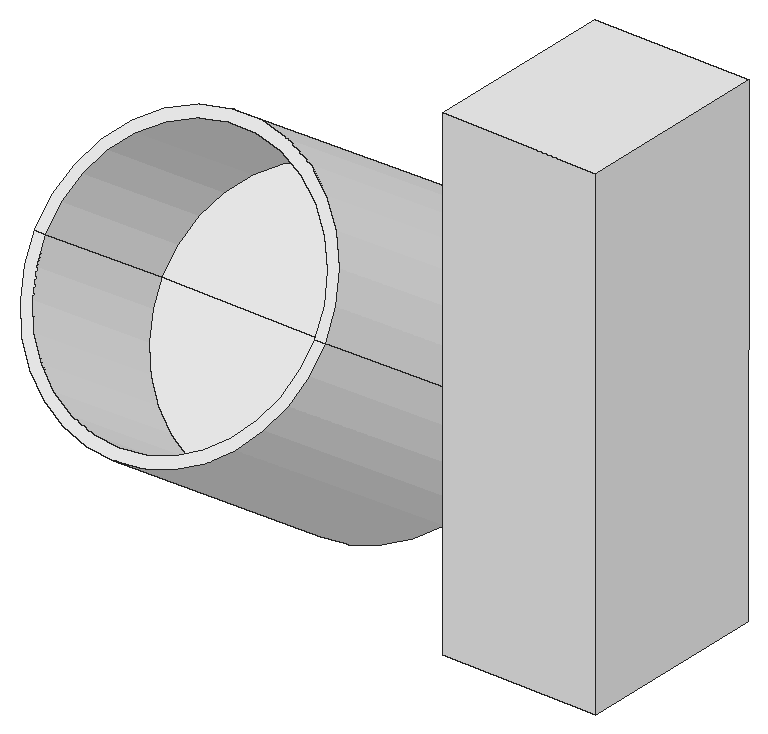
Revit family "Lighting-Accent-Amerlux-Cylindrix III Vertical", category Lighting Fixtures, host Face, Revit 2014
Parameters
  Voltage = 0 V
  Rotation Angle [instance] = 35.00°
  Power Factor = 1
  Photometric Web File = ""
  Number of Poles = 1
  Material = Silver Finish
  Light Source Angle [instance] = Rotation Angle  # 35.00°
  Lamp = "LED"
  Input Wattage = ""
  Wattage = 26 W
  built-in parameter 1150110 = 1 (stored number, unit not read)
  URL = "http://www.amerlux.com"
  built-in parameter 1114217 = 1 (stored number, unit not read)
  Tilt Angle = 90.00°
  built-in parameter 1150109 = 1 (stored number, unit not read)
  built-in parameter 1150134 = 12
  built-in parameter 1150113 = 1 (stored number, unit not read)
  Model = "CYLINDRIX III"
  Manufacturer = "Amerlux"
  built-in parameter 1150105 = 206.9 (stored number, unit not read)
  Lumens = 2600 lm
  built-in parameter 1150115 = 1 (stored number, unit not read)
  built-in parameter 1150137 = (empty or 0)
  built-in parameter 1150139 = (empty or 0)
  built-in parameter 1150112 = 1 (stored number, unit not read)
  built-in parameter 1150114 = 1 (stored number, unit not read)
  Keynote = ""
  built-in parameter 1150132 = (empty or 0)
  built-in parameter 1150102 = (empty or 0)
  built-in parameter 1150107 = 4000 (stored number, unit not read)
  built-in parameter 1150138 = (empty or 0)
  built-in parameter 1150106 = 2.069 (stored number, unit not read)
  Finish = ""
  Emit from Circle Diameter = 3"
  Emit Shape Visible in Rendering = yes
  built-in parameter 1150104 = 9.2903 (stored number, unit not read)
  Dimming Lamp Color Temperature Shift = (empty or 0)
  Description = "Track Lighting"
  Default Elevation = 48"
  Color Filter = 16777215
  built-in parameter 1114218 = 1 (stored number, unit not read)
  built-in parameter 1150133 = 10 (stored number, unit not read)
  Assembly Code = ""
  Apparent Load = 0 VA
Reference planes (in)
  plane 1 "Center (Front/Back)": y = 2.00423
  plane 2: z = 0
  plane 3 "Center (Left/Right)": x = 2.916
  plane 4: z = 6.3125
  plane 5: y = 3.00423
  plane 6: y = 1.00423
Forms (in)
  Extrusion 1, solid, material "Silver Finish"
    sketch origin (0, 2.00423, 0) x (-1, 0, 0) y (0, 0, 1)
      loop
        line (-2.916, 6.3125) -> (-4.916, 6.3125) -> (-4.916, 0) -> (-2.916, 0) -> (-2.916, 6.3125)
    from -1.253 to 1.22125
Dimensions and locks (in)
  equal spacing: plane 5, plane 1 "Center (Front/Back)", plane 6
  locked: Extrusion 1 sketch curve to Extrusion 1 sketch curve at 2
  locked: Extrusion 1 sketch curve to Extrusion 1 sketch curve at 6.3125
  "Rotation Angle": angle level to nested 1
  "Light Source Angle": angle level to imposter light
  aligned and locked: plane 2 to host face
  aligned and locked: level to host face
  aligned: imposter light to plane 1 "Center (Front/Back)"
  aligned and locked: Extrusion 1 sketch curve to level
Automatic sketch dimensions
  host sketch curve to host sketch curve = 12.00498"
  host sketch curve to host sketch curve = 12.39607"
  plane 3 "Center (Left/Right)" to Extrusion 1 sketch curve = 0"
Nested families (in)
  nested 1: "Track Head" at (1.77159, 0.82308, 3.06775) x (0, -0.5736, -0.8192) z (-1, 0, 0), type "Track Head"
Connectors (in)
  electrical at (3.916, 1.98836, 0), driven by "Number of Poles", driven by "Voltage", driven by "Apparent Load", driven by "Power Factor"
    settings: on Extrusion 1, index 1, voltage 0 V, apparent load 0 VA, apparent load phase1 0 VA, apparent load phase2 0 VA, apparent load phase3 0 VA, power factor 1, load classification "Other", number of poles 1, system type 31, power factor state 1, is connector primary yes, connector utility no, sub classification motor no, connector description "Power"
Definition of nested family "Track Head"
  Parameters (values of type "Track Head")
    Width = 4 5/8"
    Material = Silver Finish
    Default Elevation = 48"
    Assembly Code = ""
  Reference planes (in)
    plane 1 "Center (Front/Back)": y = 0
    plane 2: z = 0
    plane 3 "Center (Left/Right)": x = 0
    plane 4: z = 0.81682
    plane 5: z = 0.81682
    plane 6: y = 2.3125
    plane 7: y = -2.3125
  Forms (in)
    Extrusion 1, solid
      sketch origin (0, 0, 0) x (1, 0, 0) y (0, 1, 0)
        loop
          line (-48, 48) -> (-48, -48) -> (48, -48) -> (48, 48) -> (-48, 48)
      from 0 to -0.80444
    Revolve 2, solid, material "Silver Finish" <- "Material"
      sketch origin (0, 0, -1.8125) x (0, 1, 0) y (0, 0, 1)
        loop
          line (-1.8125, 4.52266) -> (-2.3125, 4.23398) -> (-2.3125, 2.62932) -> (2.3125, 2.62932) -> (2.3125, 4.52266) -> (-1.8125, 4.52266)
        axis (-2.3125, 2.62932) -> (2.3125, 2.62932)
      angle from 0 to 360
    Revolve 3, void
      sketch origin (0, 0, -1.8125) x (0, 1, 0) y (0, 0, 1)
        loop
          line (2.3125, 2.62932) -> (2.3125, 4.37932) -> (0, 4.37932) -> (0, 2.62932) -> (2.3125, 2.62932)
        axis (0, 2.62932) -> (2.3125, 2.62932)
      angle from 0 to 360
  Cuts and joins
    Revolve 3 cuts Revolve 2
  Dimensions and locks (in)
    equal spacing: plane 6, plane 1 "Center (Front/Back)", plane 7
    "Width": plane 6 to plane 7
    radius of cut or joined group of Revolve 2, Revolve 3 = 1.89334"
    aligned and locked: plane 2 to Extrusion 1
    aligned and locked: level to Extrusion 1
    aligned and locked: Revolve 2 sketch curve to plane 4
    aligned and locked: Revolve 3 sketch curve to plane 5
    aligned and locked: plane 7 to Revolve 2 sketch curve
    aligned and locked: Revolve 2 sketch curve to plane 6
    aligned and locked: cut or joined group of Revolve 2, Revolve 3 to cut or joined group of Revolve 2, Revolve 3
    aligned and locked: plane 1 "Center (Front/Back)" to cut or joined group of Revolve 2, Revolve 3
  Automatic sketch dimensions
    Extrusion 1 sketch curve to Extrusion 1 sketch curve = 96"  (x2)
    Revolve 3 sketch curve to plane 5 = 0"
    Revolve 3 sketch curve to plane 1 "Center (Front/Back)" = 0"
    plane 6 to Revolve 3 sketch curve = 0"
    Revolve 3 sketch curve to Revolve 3 sketch curve = 1 3/4"
    plane 7 to Revolve 3 sketch curve = 0.4751"
    Revolve 3 sketch curve to plane 6 = 1.36838"
    Revolve 2 sketch curve to plane 4 = 0"
    Revolve 2 sketch curve to Revolve 2 sketch curve = 1.89334"
    plane 7 to Revolve 2 sketch curve = 5.73878"
    Revolve 2 sketch curve to plane 6 = 7.02134"
    Revolve 2 sketch curve to Revolve 2 sketch curve = 0.28868"
    Revolve 2 sketch curve to plane 7 = 1/2"
